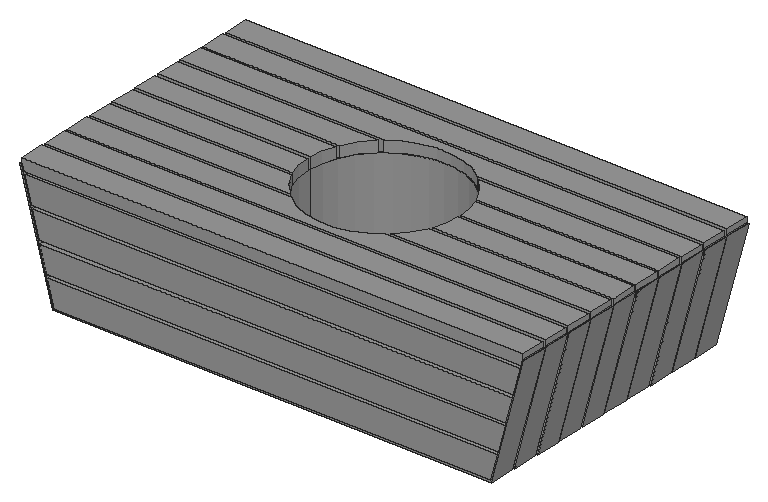
Revit family "12154 Модульная скамейка «Экополис Комби-3» Хоббика", category Антураж, Revit 2018
Family settings
  На основе рабочей плоскости = Нет
  Всегда вертикально = Да
  При загрузке вырезать с полостями = Нет
  Источник визуального образа = Геометрия семейства
  Общий = Нет
  Точка расчета площади = Нет
Parameters (values of type "Модульная скамейка «Экополис Комби-3»")
  Ширина = 1000 mm  # constant formula
  Цвет отделки = Дерево
  Цвет каркаса = Сталь
  Описание = "Модульная скамейка «Экополис Комби-3»"  # constant formula
  Материал изделия = "Сталь, дерево"  # constant formula
  Изображение типоразмера = Модульная скамейка «Экополис Комби-3» Арт 12154.jpg
  Изготовитель = "ООО «Хоббика»"  # constant formula
  Длина = 1800 mm  # constant formula
  Группа модели = "Скамейки"  # constant formula
  Высота = 450 mm  # constant formula
  Артикул товара = "Арт. 12154"  # constant formula
  URL = "https://hobbyka.ru/product/modulnaya_skameyka_ekopolis_kombi3"
Reference planes
  plane 1 "По центру (Вперед/Назад)": y = 0
  plane 2: z = 0
  plane 3 "По центру (Влево/Вправо)": x = 0
  plane 4: x = 1800
  plane 5: y = 1000
  plane 6: z = 450
Forms (mm)
  Extrusion 1, solid, material "Дерево" <- "Цвет отделки"
    sketch origin (0, 0, 0) x (0, 1, 0) y (0, 0, 1)
      loop
        line (1000, 450) -> (910, 450) -> (910, 410) -> (1000, 410) -> (1000, 450)
      loop
        line (898.889, 410) -> (898.889, 450) -> (808.889, 450) -> (808.889, 410) -> (898.889, 410)
      loop
        line (797.778, 410) -> (797.778, 450) -> (707.778, 450) -> (707.778, 410) -> (797.778, 410)
      loop
        line (696.667, 410) -> (696.667, 450) -> (606.667, 450) -> (606.667, 410) -> (696.667, 410)
      loop
        line (595.556, 410) -> (595.556, 450) -> (505.556, 450) -> (505.556, 410) -> (595.556, 410)
      loop
        line (494.444, 410) -> (494.444, 450) -> (404.444, 450) -> (404.444, 410) -> (494.444, 410)
      loop
        line (393.333, 410) -> (393.333, 450) -> (303.333, 450) -> (303.333, 410) -> (393.333, 410)
      loop
        line (292.222, 410) -> (292.222, 450) -> (202.222, 450) -> (202.222, 410) -> (292.222, 410)
      loop
        line (191.111, 410) -> (191.111, 450) -> (101.111, 450) -> (101.111, 410) -> (191.111, 410)
      loop
        line (90, 410) -> (90, 450) -> (0, 450) -> (0, 410) -> (90, 410)
      loop
        line (1000, 399) -> (960, 399) -> (960, 309) -> (1000, 309) -> (1000, 399)
      loop
        line (1000, 298) -> (960, 298) -> (960, 208) -> (1000, 208) -> (1000, 298)
      loop
        line (1000, 197) -> (960, 197) -> (960, 107) -> (1000, 107) -> (1000, 197)
      loop
        line (1000, 96) -> (960, 96) -> (960, 6) -> (1000, 6) -> (1000, 96)
      loop
        line (40, 399) -> (0, 399) -> (0, 309) -> (40, 309) -> (40, 399)
      loop
        line (40, 298) -> (0, 298) -> (0, 208) -> (40, 208) -> (40, 298)
      loop
        line (40, 197) -> (0, 197) -> (0, 107) -> (40, 107) -> (40, 197)
      loop
        line (40, 96) -> (0, 96) -> (0, 6) -> (40, 6) -> (40, 96)
    from 5 to 1795
  Extrusion 2, void
    sketch origin (0, 0, 0) x (1, 0, 0) y (0, 0, 1)
      loop
        line (1795, 430) -> (1679.782, 0) -> (1795, 0) -> (1795, 430)
      loop
        line (5, 430) -> (5, 0) -> (120.218, 0) -> (5, 430)
    from 0 to -1000
  Extrusion 3, solid, material "Сталь" <- "Цвет каркаса"
    sketch origin (0, 0, 0) x (1, 0, 0) y (0, 0, 1)
      loop
        line (5, 430) -> (0, 430) -> (115.218, 0) -> (1684.782, 0) -> (1800, 430) -> (1795, 430) -> (1681.39, 6) -> (118.61, 6) -> (5, 430)
    from -910 to -1000
  Extrusion 4, solid, material "Сталь" <- "Цвет каркаса"
    sketch origin (0, 0, 0) x (1, 0, 0) y (0, 0, 1)
      loop
        line (5, 430) -> (0, 430) -> (115.218, 0) -> (1684.782, 0) -> (1800, 430) -> (1795, 430) -> (1681.39, 6) -> (118.61, 6) -> (5, 430)
    from -808.889 to -898.889
  Extrusion 5, solid, material "Сталь" <- "Цвет каркаса"
    sketch origin (0, 0, 0) x (1, 0, 0) y (0, 0, 1)
      loop
        line (5, 430) -> (0, 430) -> (115.218, 0) -> (1684.782, 0) -> (1800, 430) -> (1795, 430) -> (1681.39, 6) -> (118.61, 6) -> (5, 430)
    from -707.778 to -797.778
  Extrusion 6, solid, material "Сталь" <- "Цвет каркаса"
    sketch origin (0, 0, 0) x (1, 0, 0) y (0, 0, 1)
      loop
        line (5, 430) -> (0, 430) -> (115.218, 0) -> (1684.782, 0) -> (1800, 430) -> (1795, 430) -> (1681.39, 6) -> (118.61, 6) -> (5, 430)
    from -606.667 to -696.667
  Extrusion 7, solid, material "Сталь" <- "Цвет каркаса"
    sketch origin (0, 0, 0) x (1, 0, 0) y (0, 0, 1)
      loop
        line (5, 430) -> (0, 430) -> (115.218, 0) -> (1684.782, 0) -> (1800, 430) -> (1795, 430) -> (1681.39, 6) -> (118.61, 6) -> (5, 430)
    from -505.556 to -595.556
  Extrusion 8, solid, material "Сталь" <- "Цвет каркаса"
    sketch origin (0, 0, 0) x (1, 0, 0) y (0, 0, 1)
      loop
        line (5, 430) -> (0, 430) -> (115.218, 0) -> (1684.782, 0) -> (1800, 430) -> (1795, 430) -> (1681.39, 6) -> (118.61, 6) -> (5, 430)
    from -404.444 to -494.444
  Extrusion 9, solid, material "Сталь" <- "Цвет каркаса"
    sketch origin (0, 0, 0) x (1, 0, 0) y (0, 0, 1)
      loop
        line (5, 430) -> (0, 430) -> (115.218, 0) -> (1684.782, 0) -> (1800, 430) -> (1795, 430) -> (1681.39, 6) -> (118.61, 6) -> (5, 430)
    from -303.333 to -393.333
  Extrusion 10, solid, material "Сталь" <- "Цвет каркаса"
    sketch origin (0, 0, 0) x (1, 0, 0) y (0, 0, 1)
      loop
        line (5, 430) -> (0, 430) -> (115.218, 0) -> (1684.782, 0) -> (1800, 430) -> (1795, 430) -> (1681.39, 6) -> (118.61, 6) -> (5, 430)
    from -202.222 to -292.222
  Extrusion 11, solid, material "Сталь" <- "Цвет каркаса"
    sketch origin (0, 0, 0) x (1, 0, 0) y (0, 0, 1)
      loop
        line (5, 430) -> (0, 430) -> (115.218, 0) -> (1684.782, 0) -> (1800, 430) -> (1795, 430) -> (1681.39, 6) -> (118.61, 6) -> (5, 430)
    from -101.111 to -191.111
  Extrusion 12, solid, material "Сталь" <- "Цвет каркаса"
    sketch origin (0, 0, 0) x (1, 0, 0) y (0, 0, 1)
      loop
        line (5, 430) -> (0, 430) -> (115.218, 0) -> (1684.782, 0) -> (1800, 430) -> (1795, 430) -> (1681.39, 6) -> (118.61, 6) -> (5, 430)
    from 0 to -90
  Extrusion 13, void
    sketch origin (0, 0, 0) x (1, 0, 0) y (0, 1, 0)
      loop
        circle (900, 500) r 267.778
    from 0 to 450
  Extrusion 14, solid, material "Сталь" <- "Цвет каркаса"
    sketch origin (0, 0, 0) x (1, 0, 0) y (0, 1, 0)
      loop
        circle (900, 500) r 267.778
      loop
        circle (900, 500) r 272.778
    from 6 to 410
Cuts and joins
  Extrusion 2, Extrusion 13 cuts Extrusion 1
  Extrusion 13 cuts Extrusion 5
  Extrusion 13 cuts Extrusion 6
  Extrusion 13 cuts Extrusion 7
  Extrusion 13 cuts Extrusion 8
  Extrusion 13 cuts Extrusion 9
  Extrusion 13 cuts Extrusion 10
Dimensions and locks
  "Длина": plane 4 to plane 3 "По центру (Влево/Вправо)"
  "Ширина": plane 5 to plane 1 "По центру (Вперед/Назад)"
  "Высота": plane 6 to plane 2
  aligned and locked: level to plane 2
Automatic sketch dimensions
  Extrusion 1 sketch curve to plane 1 "По центру (Вперед/Назад)" = 0 mm  (x5)
  Extrusion 1 sketch curve to plane 6 = 0 mm  (x10)
  Extrusion 1 sketch curve to plane 5 = 0 mm  (x5)
  Extrusion 1 sketch curve to plane 1 "По центру (Вперед/Назад)" = 40 mm
  Extrusion 1 sketch curve to Extrusion 1 sketch curve = 0 mm  (x9)
  Extrusion 1 sketch curve to Extrusion 1 sketch curve = 50 mm
  Extrusion 1 sketch curve to Extrusion 1 sketch curve = 11.111 mm  (x9)
  Extrusion 1 sketch curve to Extrusion 1 sketch curve = 90 mm  (x14)
  Extrusion 1 sketch curve to plane 6 = 40 mm  (x6)
  level to Extrusion 1 sketch curve = 6 mm  (x2)
  Extrusion 1 sketch curve to plane 5 = 40 mm  (x2)
  Extrusion 1 sketch curve to Extrusion 1 sketch curve = 11 mm  (x6)
  Extrusion 1 sketch curve to plane 6 = 51 mm  (x2)
  Extrusion 2 sketch curve to level = 0 mm  (x2)
  plane 3 "По центру (Влево/Вправо)" to Extrusion 2 sketch curve = 5 mm
  Extrusion 2 sketch curve to Extrusion 2 sketch curve = 115.218 mm
  Extrusion 2 sketch curve to plane 4 = 120.218 mm
  Extrusion 2 sketch curve to plane 4 = 5 mm
  Extrusion 2 sketch curve to plane 6 = 20 mm  (x2)
  Extrusion 3 sketch curve to plane 3 "По центру (Влево/Вправо)" = 0 mm
  Extrusion 3 sketch curve to level = 0 mm
  Extrusion 3 sketch curve to plane 4 = 0 mm
  plane 3 "По центру (Влево/Вправо)" to Extrusion 3 sketch curve = 5 mm
  plane 3 "По центру (Влево/Вправо)" to Extrusion 3 sketch curve = 115.218 mm
  Extrusion 3 sketch curve to Extrusion 3 sketch curve = 3.392 mm  (x2)
  level to Extrusion 3 sketch curve = 6 mm
  Extrusion 3 sketch curve to plane 4 = 118.61 mm
  Extrusion 3 sketch curve to Extrusion 3 sketch curve = 5 mm
  Extrusion 3 sketch curve to plane 6 = 20 mm  (x2)
  Extrusion 4 sketch curve to plane 3 "По центру (Влево/Вправо)" = 0 mm
  Extrusion 4 sketch curve to level = 0 mm
  Extrusion 4 sketch curve to plane 4 = 0 mm
  plane 3 "По центру (Влево/Вправо)" to Extrusion 4 sketch curve = 5 mm
  plane 3 "По центру (Влево/Вправо)" to Extrusion 4 sketch curve = 115.218 mm
  Extrusion 4 sketch curve to Extrusion 4 sketch curve = 3.392 mm  (x2)
  level to Extrusion 4 sketch curve = 6 mm
  Extrusion 4 sketch curve to plane 4 = 118.61 mm
  Extrusion 4 sketch curve to Extrusion 4 sketch curve = 5 mm
  Extrusion 4 sketch curve to plane 6 = 20 mm  (x2)
  Extrusion 5 sketch curve to plane 3 "По центру (Влево/Вправо)" = 0 mm
  Extrusion 5 sketch curve to level = 0 mm
  Extrusion 5 sketch curve to plane 4 = 0 mm
  plane 3 "По центру (Влево/Вправо)" to Extrusion 5 sketch curve = 5 mm
  plane 3 "По центру (Влево/Вправо)" to Extrusion 5 sketch curve = 115.218 mm
  Extrusion 5 sketch curve to Extrusion 5 sketch curve = 3.392 mm  (x2)
  level to Extrusion 5 sketch curve = 6 mm
  Extrusion 5 sketch curve to plane 4 = 118.61 mm
  Extrusion 5 sketch curve to Extrusion 5 sketch curve = 5 mm
  Extrusion 5 sketch curve to plane 6 = 20 mm  (x2)
  Extrusion 6 sketch curve to plane 3 "По центру (Влево/Вправо)" = 0 mm
  Extrusion 6 sketch curve to level = 0 mm
  Extrusion 6 sketch curve to plane 4 = 0 mm
  plane 3 "По центру (Влево/Вправо)" to Extrusion 6 sketch curve = 5 mm
  plane 3 "По центру (Влево/Вправо)" to Extrusion 6 sketch curve = 115.218 mm
  Extrusion 6 sketch curve to Extrusion 6 sketch curve = 3.392 mm  (x2)
  level to Extrusion 6 sketch curve = 6 mm
  Extrusion 6 sketch curve to plane 4 = 118.61 mm
  Extrusion 6 sketch curve to Extrusion 6 sketch curve = 5 mm
  Extrusion 6 sketch curve to plane 6 = 20 mm  (x2)
  Extrusion 7 sketch curve to plane 3 "По центру (Влево/Вправо)" = 0 mm
  Extrusion 7 sketch curve to level = 0 mm
  Extrusion 7 sketch curve to plane 4 = 0 mm
  plane 3 "По центру (Влево/Вправо)" to Extrusion 7 sketch curve = 5 mm
  plane 3 "По центру (Влево/Вправо)" to Extrusion 7 sketch curve = 115.218 mm
  Extrusion 7 sketch curve to Extrusion 7 sketch curve = 3.392 mm  (x2)
  level to Extrusion 7 sketch curve = 6 mm
  Extrusion 7 sketch curve to plane 4 = 118.61 mm
  Extrusion 7 sketch curve to Extrusion 7 sketch curve = 5 mm
  Extrusion 7 sketch curve to plane 6 = 20 mm  (x2)
  Extrusion 8 sketch curve to plane 3 "По центру (Влево/Вправо)" = 0 mm
  Extrusion 8 sketch curve to level = 0 mm
  Extrusion 8 sketch curve to plane 4 = 0 mm
  plane 3 "По центру (Влево/Вправо)" to Extrusion 8 sketch curve = 5 mm
  plane 3 "По центру (Влево/Вправо)" to Extrusion 8 sketch curve = 115.218 mm
  Extrusion 8 sketch curve to Extrusion 8 sketch curve = 3.392 mm  (x2)
  level to Extrusion 8 sketch curve = 6 mm
  Extrusion 8 sketch curve to plane 4 = 118.61 mm
  Extrusion 8 sketch curve to Extrusion 8 sketch curve = 5 mm
  Extrusion 8 sketch curve to plane 6 = 20 mm  (x2)
  Extrusion 9 sketch curve to plane 3 "По центру (Влево/Вправо)" = 0 mm
  Extrusion 9 sketch curve to level = 0 mm
  Extrusion 9 sketch curve to plane 4 = 0 mm
  plane 3 "По центру (Влево/Вправо)" to Extrusion 9 sketch curve = 5 mm
  plane 3 "По центру (Влево/Вправо)" to Extrusion 9 sketch curve = 115.218 mm
  Extrusion 9 sketch curve to Extrusion 9 sketch curve = 3.392 mm  (x2)
  level to Extrusion 9 sketch curve = 6 mm
  Extrusion 9 sketch curve to plane 4 = 118.61 mm
  Extrusion 9 sketch curve to Extrusion 9 sketch curve = 5 mm
  Extrusion 9 sketch curve to plane 6 = 20 mm  (x2)
  Extrusion 10 sketch curve to plane 3 "По центру (Влево/Вправо)" = 0 mm
  Extrusion 10 sketch curve to level = 0 mm
  Extrusion 10 sketch curve to plane 4 = 0 mm
  plane 3 "По центру (Влево/Вправо)" to Extrusion 10 sketch curve = 5 mm
  plane 3 "По центру (Влево/Вправо)" to Extrusion 10 sketch curve = 115.218 mm
  Extrusion 10 sketch curve to Extrusion 10 sketch curve = 3.392 mm  (x2)
  level to Extrusion 10 sketch curve = 6 mm
  Extrusion 10 sketch curve to plane 4 = 118.61 mm
  Extrusion 10 sketch curve to Extrusion 10 sketch curve = 5 mm
  Extrusion 10 sketch curve to plane 6 = 20 mm  (x2)
  Extrusion 11 sketch curve to plane 3 "По центру (Влево/Вправо)" = 0 mm
  Extrusion 11 sketch curve to level = 0 mm
  Extrusion 11 sketch curve to plane 4 = 0 mm
  plane 3 "По центру (Влево/Вправо)" to Extrusion 11 sketch curve = 5 mm
  plane 3 "По центру (Влево/Вправо)" to Extrusion 11 sketch curve = 115.218 mm
  Extrusion 11 sketch curve to Extrusion 11 sketch curve = 3.392 mm  (x2)
  level to Extrusion 11 sketch curve = 6 mm
  Extrusion 11 sketch curve to plane 4 = 118.61 mm
  Extrusion 11 sketch curve to Extrusion 11 sketch curve = 5 mm
  Extrusion 11 sketch curve to plane 6 = 20 mm  (x2)
  Extrusion 12 sketch curve to plane 3 "По центру (Влево/Вправо)" = 0 mm
  Extrusion 12 sketch curve to level = 0 mm
  Extrusion 12 sketch curve to plane 4 = 0 mm
  plane 3 "По центру (Влево/Вправо)" to Extrusion 12 sketch curve = 5 mm
  plane 3 "По центру (Влево/Вправо)" to Extrusion 12 sketch curve = 115.218 mm
  Extrusion 12 sketch curve to Extrusion 12 sketch curve = 3.392 mm  (x2)
  level to Extrusion 12 sketch curve = 6 mm
  Extrusion 12 sketch curve to plane 4 = 118.61 mm
  Extrusion 12 sketch curve to Extrusion 12 sketch curve = 5 mm
  Extrusion 12 sketch curve to plane 6 = 20 mm  (x2)
  plane 3 "По центру (Влево/Вправо)" to Extrusion 13 sketch curve = 900 mm
  Extrusion 13 sketch curve to plane 1 "По центру (Вперед/Назад)" = 500 mm
  plane 3 "По центру (Влево/Вправо)" to Extrusion 14 sketch curve = 900 mm
  Extrusion 14 sketch curve to plane 1 "По центру (Вперед/Назад)" = 500 mm
  Extrusion 14 sketch curve to Extrusion 14 sketch curve = 0 mm  (x2)
  radius of Extrusion 13 sketch curve = 267.778 mm
  radius of Extrusion 14 sketch curve = 267.778 mm
  radius of Extrusion 14 sketch curve = 272.778 mm
